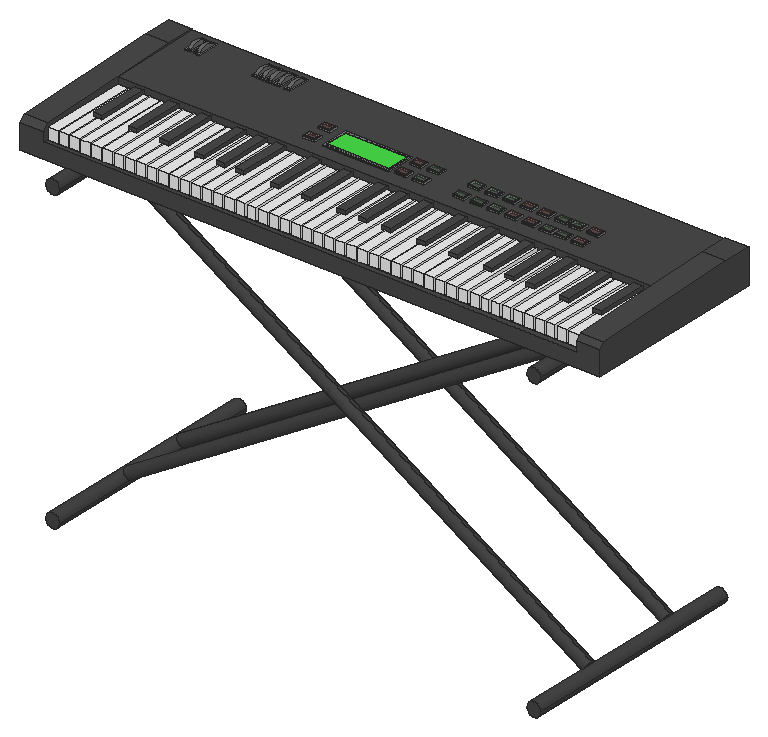
Revit family "Piano_Electric_SMARTBIM", category Furniture, Revit 2020
Family settings
  OmniClass Number = 23.40.50.24.24
  OmniClass Title = Instrumental Equipment
  Work Plane-Based = Yes
  Always vertical = Yes
  Cut with Voids When Loaded = No
  Shared = No
  Room Calculation Point = No
Parameters
  White Keys = White Keys
  Subcategory = "Residential - Décor"  # constant formula
  Stand = Frame
  SmartBIM Object Version = 3  # constant formula
  SmartBIM Object Created By = "SMARTBIM, LLC"  # constant formula
  Manufacturer = "SMARTBIM"
  Frame = BlackKeys
  Default Elevation = 4' - 0"
  Controllers = Controllers
  Buttons Set -2 = Special,LED Green on
  Buttons Set -1 = Special LED Red, on
  Black Keys = BlackKeys
  Assembly Code = "E1020400"
  95 CSI = "11070"  # constant formula
  04 CSI = "11 62 00"  # constant formula
Reference planes (in)
  plane 1: z = 0
  plane 2 "Center (Left/Right)": x = 4.48713
  plane 3: z = 30
  plane 4: z = 27
  plane 5: x = -20.51287
  plane 6: x = 29.48713
  plane 7: y = 30.04337
  plane 8: x = -18.51287
  plane 9: x = 27.48713
  plane 10: y = 22.04337
  plane 11: y = 14.04337
Forms (in)
  Extrusion 1, solid, material "BlackKeys" <- "Black Keys"
    sketch origin (4.48713, 2.04337, 0) x (0, 1, 0) y (0, 0, 1)
      loop
        line (28, 27.01638) -> (28, 29.98667) -> (25.54337, 29.98667) -> (12.46971, 29.53013) -> (12, 29.06042) -> (12, 27.01638) -> (28, 27.01638)
    from -25 to -23
  Extrusion 2, solid, material "BlackKeys" <- "Black Keys"
    sketch origin (4.48713, 2.04337, 0) x (0, 1, 0) y (0, 0, 1)
      loop
        line (28, 27) -> (28, 29.96538) -> (20, 29.79309) -> (20, 27) -> (28, 27)
    from -23 to 23
  Extrusion 3, solid, material "BlackKeys" <- "Black Keys"
    sketch origin (4.48713, 2.04337, 0) x (0, 1, 0) y (0, 0, 1)
      loop
        line (12, 27.01638) -> (12.46971, 27.01638) -> (12.46971, 28.26638) -> (12, 28.26638) -> (12, 27.01638)
    from -23 to 23
  Extrusion 4, solid, material "BlackKeys" <- "Black Keys"
    sketch origin (4.48713, 2.04337, 0) x (0, 1, 0) y (0, 0, -1)
      loop
        line (28, -27.01638) -> (12, -27.01638) -> (12, -29.06042) -> (12.46971, -29.53013) -> (25.54337, -29.98667) -> (28, -29.98667) -> (28, -27.01638)
    from -25 to -23
  Extrusion 5, solid
    sketch origin (4.48713, 2.04337, 0) x (0, 1, 0) y (0, 0, 1)
      loop
        line (12.46971, 28.26638) -> (12.46971, 27.01638) -> (20, 27.01638) -> (20, 28.26638) -> (12.46971, 28.26638)
    from -23 to 23
  Extrusion 6, solid, material "White Keys" <- "White Keys"
    sketch origin (0, 0, 0) x (1, 0, 0) y (0, 1, 0)
      loop
        line (-18.51287, 22.04337) -> (-18.51287, 14.51308) -> (-17.55644, 14.51308) -> (-17.55644, 22.04337) -> (-18.51287, 22.04337)
    from 28.26638 to 29.29337
  Extrusion 7, solid, material "White Keys" <- "White Keys"
    sketch origin (0.95643, 0, 0) x (1, 0, 0) y (0, 1, 0)
      loop
        line (-18.51287, 22.04337) -> (-18.51287, 14.51308) -> (-17.63204, 14.51308) -> (-17.63204, 22.04337) -> (-18.51287, 22.04337)
    from 28.26638 to 29.29337
  Extrusion 8, solid, material "White Keys" <- "White Keys"
    sketch origin (1.91286, 0, 0) x (1, 0, 0) y (0, 1, 0)
      loop
        line (-18.51287, 22.04337) -> (-18.51287, 14.51308) -> (-17.67375, 14.51308) -> (-17.67375, 22.04337) -> (-18.51287, 22.04337)
    from 28.26638 to 29.29337
  Extrusion 9, solid, material "White Keys" <- "White Keys"
    sketch origin (2.86928, 0, 0) x (1, 0, 0) y (0, 1, 0)
      loop
        line (-18.51287, 22.04337) -> (-18.51287, 14.51308) -> (-17.68551, 14.51308) -> (-17.68551, 22.04337) -> (-18.51287, 22.04337)
    from 28.26638 to 29.29337
  Extrusion 10, solid, material "White Keys" <- "White Keys"
    sketch origin (3.82571, 0, 0) x (1, 0, 0) y (0, 1, 0)
      loop
        line (-18.51287, 22.04337) -> (-18.51287, 14.51308) -> (-17.64625, 14.51308) -> (-17.64625, 22.04337) -> (-18.51287, 22.04337)
    from 28.26638 to 29.29337
  Extrusion 11, solid, material "White Keys" <- "White Keys"
    sketch origin (4.78214, 0, 0) x (1, 0, 0) y (0, 1, 0)
      loop
        line (-18.51287, 22.04337) -> (-18.51287, 14.51308) -> (-17.65617, 14.51308) -> (-17.65617, 22.04337) -> (-18.51287, 22.04337)
    from 28.26638 to 29.29337
  Extrusion 12, solid, material "White Keys" <- "White Keys"
    sketch origin (5.73857, 0, 0) x (1, 0, 0) y (0, 1, 0)
      loop
        line (-18.51287, 22.04337) -> (-18.51287, 14.51308) -> (-17.70295, 14.51308) -> (-17.70295, 22.04337) -> (-18.51287, 22.04337)
    from 28.26638 to 29.29337
  Extrusion 13, solid, material "White Keys" <- "White Keys"
    sketch origin (6.695, 0, 0) x (1, 0, 0) y (0, 1, 0)
      loop
        line (-18.51287, 22.04337) -> (-18.51287, 14.51308) -> (-17.70057, 14.51308) -> (-17.70057, 22.04337) -> (-18.51287, 22.04337)
    from 28.26638 to 29.29337
  Extrusion 14, solid, material "White Keys" <- "White Keys"
    sketch origin (7.65142, 0, 0) x (1, 0, 0) y (0, 1, 0)
      loop
        line (-18.51287, 22.04337) -> (-18.51287, 14.51308) -> (-17.71048, 14.51308) -> (-17.71048, 22.04337) -> (-18.51287, 22.04337)
    from 28.26638 to 29.29337
  Extrusion 15, solid, material "White Keys" <- "White Keys"
    sketch origin (8.60785, 0, 0) x (1, 0, 0) y (0, 1, 0)
      loop
        line (-18.51287, 22.04337) -> (-18.51287, 14.51308) -> (-17.7081, 14.51308) -> (-17.7081, 22.04337) -> (-18.51287, 22.04337)
    from 28.26638 to 29.29337
  Extrusion 16, solid, material "White Keys" <- "White Keys"
    sketch origin (9.56428, 0, 0) x (1, 0, 0) y (0, 1, 0)
      loop
        line (-18.51287, 22.04337) -> (-18.51287, 14.51308) -> (-17.65655, 14.51308) -> (-17.65655, 22.04337) -> (-18.51287, 22.04337)
    from 28.26638 to 29.29337
  Extrusion 17, solid, material "White Keys" <- "White Keys"
    sketch origin (10.52071, 0, 0) x (1, 0, 0) y (0, 1, 0)
      loop
        line (-18.51287, 22.04337) -> (-18.51287, 14.51308) -> (-17.71563, 14.51308) -> (-17.71563, 22.04337) -> (-18.51287, 22.04337)
    from 28.26638 to 29.29337
  Extrusion 18, solid, material "White Keys" <- "White Keys"
    sketch origin (11.47714, 0, 0) x (1, 0, 0) y (0, 1, 0)
      loop
        line (-18.51287, 22.04337) -> (-18.51287, 14.51308) -> (-17.71325, 14.51308) -> (-17.71325, 22.04337) -> (-18.51287, 22.04337)
    from 28.26638 to 29.29337
  Extrusion 19, solid, material "White Keys" <- "White Keys"
    sketch origin (12.43357, 0, 0) x (1, 0, 0) y (0, 1, 0)
      loop
        line (-18.51287, 22.04337) -> (-18.51287, 14.51308) -> (-17.72316, 14.51308) -> (-17.72316, 22.04337) -> (-18.51287, 22.04337)
    from 28.26638 to 29.29337
  Extrusion 20, solid, material "White Keys" <- "White Keys"
    sketch origin (13.38999, 0, 0) x (1, 0, 0) y (0, 1, 0)
      loop
        line (-18.51287, 22.04337) -> (-18.51287, 14.51308) -> (-17.79454, 14.51308) -> (-17.79454, 22.04337) -> (-18.51287, 22.04337)
    from 28.26638 to 29.29337
  Extrusion 21, solid, material "White Keys" <- "White Keys"
    sketch origin (14.34642, 0, 0) x (1, 0, 0) y (0, 1, 0)
      loop
        line (-18.51287, 22.04337) -> (-18.51287, 14.51308) -> (-17.73069, 14.51308) -> (-17.73069, 22.04337) -> (-18.51287, 22.04337)
    from 28.26638 to 29.29337
  Extrusion 22, solid, material "White Keys" <- "White Keys"
    sketch origin (15.30285, 0, 0) x (1, 0, 0) y (0, 1, 0)
      loop
        line (-18.51287, 22.04337) -> (-18.51287, 14.51308) -> (-17.71602, 14.51308) -> (-17.71602, 22.04337) -> (-18.51287, 22.04337)
    from 28.26638 to 29.29337
  Extrusion 23, solid, material "White Keys" <- "White Keys"
    sketch origin (16.25928, 0, 0) x (1, 0, 0) y (0, 1, 0)
      loop
        line (-18.51287, 22.04337) -> (-18.51287, 14.51308) -> (-17.75052, 14.51308) -> (-17.75052, 22.04337) -> (-18.51287, 22.04337)
    from 28.26638 to 29.29337
  Extrusion 24, solid, material "White Keys" <- "White Keys"
    sketch origin (17.21571, 0, 0) x (1, 0, 0) y (0, 1, 0)
      loop
        line (-18.51287, 22.04337) -> (-18.51287, 14.51308) -> (-17.77272, 14.51308) -> (-17.77272, 22.04337) -> (-18.51287, 22.04337)
    from 28.26638 to 29.29337
  Extrusion 25, solid, material "White Keys" <- "White Keys"
    sketch origin (18.17213, 0, 0) x (1, 0, 0) y (0, 1, 0)
      loop
        line (-18.51287, 22.04337) -> (-18.51287, 14.51308) -> (-17.73346, 14.51308) -> (-17.73346, 22.04337) -> (-18.51287, 22.04337)
    from 28.26638 to 29.29337
  Extrusion 26, solid, material "White Keys" <- "White Keys"
    sketch origin (19.12856, 0, 0) x (1, 0, 0) y (0, 1, 0)
      loop
        line (-18.51287, 22.04337) -> (-18.51287, 14.51308) -> (-17.6942, 14.51308) -> (-17.6942, 22.04337) -> (-18.51287, 22.04337)
    from 28.26638 to 29.29337
  Extrusion 27, solid, material "White Keys" <- "White Keys"
    sketch origin (20.08499, 0, 0) x (1, 0, 0) y (0, 1, 0)
      loop
        line (-18.51287, 22.04337) -> (-18.51287, 14.51308) -> (-17.76558, 14.51308) -> (-17.76558, 22.04337) -> (-18.51287, 22.04337)
    from 28.26638 to 29.29337
  Extrusion 28, solid, material "White Keys" <- "White Keys"
    sketch origin (21.04142, 0, 0) x (1, 0, 0) y (0, 1, 0)
      loop
        line (-18.51287, 22.04337) -> (-18.51287, 14.51308) -> (-17.75091, 14.51308) -> (-17.75091, 22.04337) -> (-18.51287, 22.04337)
    from 28.26638 to 29.29337
  Extrusion 29, solid, material "White Keys" <- "White Keys"
    sketch origin (21.99785, 0, 0) x (1, 0, 0) y (0, 1, 0)
      loop
        line (-18.51287, 22.04337) -> (-18.51287, 14.51308) -> (-17.76082, 14.51308) -> (-17.76082, 22.04337) -> (-18.51287, 22.04337)
    from 28.26638 to 29.29337
  Extrusion 30, solid, material "White Keys" <- "White Keys"
    sketch origin (22.95427, 0, 0) x (1, 0, 0) y (0, 1, 0)
      loop
        line (-18.51287, 22.04337) -> (-18.51287, 14.51308) -> (-17.74614, 14.51308) -> (-17.74614, 22.04337) -> (-18.51287, 22.04337)
    from 28.26638 to 29.29337
  Extrusion 31, solid, material "White Keys" <- "White Keys"
    sketch origin (23.9107, 0, 0) x (1, 0, 0) y (0, 1, 0)
      loop
        line (-18.51287, 22.04337) -> (-18.51287, 14.51308) -> (-17.74376, 14.51308) -> (-17.74376, 22.04337) -> (-18.51287, 22.04337)
    from 28.26638 to 29.29337
  Extrusion 32, solid, material "White Keys" <- "White Keys"
    sketch origin (24.86713, 0, 0) x (1, 0, 0) y (0, 1, 0)
      loop
        line (-18.51287, 22.04337) -> (-18.51287, 14.51308) -> (-17.76597, 14.51308) -> (-17.76597, 22.04337) -> (-18.51287, 22.04337)
    from 28.26638 to 29.29337
  Extrusion 33, solid, material "White Keys" <- "White Keys"
    sketch origin (25.82356, 0, 0) x (1, 0, 0) y (0, 1, 0)
      loop
        line (-18.51287, 22.04337) -> (-18.51287, 14.51308) -> (-17.72671, 14.51308) -> (-17.72671, 22.04337) -> (-18.51287, 22.04337)
    from 28.26638 to 29.29337
  Extrusion 34, solid, material "White Keys" <- "White Keys"
    sketch origin (26.77999, 0, 0) x (1, 0, 0) y (0, 1, 0)
      loop
        line (-18.51287, 22.04337) -> (-18.51287, 14.51308) -> (-17.72433, 14.51308) -> (-17.72433, 22.04337) -> (-18.51287, 22.04337)
    from 28.26638 to 29.29337
  Extrusion 35, solid, material "White Keys" <- "White Keys"
    sketch origin (27.73641, 0, 0) x (1, 0, 0) y (0, 1, 0)
      loop
        line (-18.51287, 22.04337) -> (-18.51287, 14.51308) -> (-17.73424, 14.51308) -> (-17.73424, 22.04337) -> (-18.51287, 22.04337)
    from 28.26638 to 29.29337
  Extrusion 36, solid, material "White Keys" <- "White Keys"
    sketch origin (28.69284, 0, 0) x (1, 0, 0) y (0, 1, 0)
      loop
        line (-18.51287, 22.04337) -> (-18.51287, 14.51308) -> (-17.64581, 14.51308) -> (-17.64581, 22.04337) -> (-18.51287, 22.04337)
    from 28.26638 to 29.29337
  Extrusion 37, solid, material "White Keys" <- "White Keys"
    sketch origin (29.64927, 0, 0) x (1, 0, 0) y (0, 1, 0)
      loop
        line (-18.51287, 22.04337) -> (-18.51287, 14.51308) -> (-17.71718, 14.51308) -> (-17.71718, 22.04337) -> (-18.51287, 22.04337)
    from 28.26638 to 29.29337
  Extrusion 38, solid, material "White Keys" <- "White Keys"
    sketch origin (30.6057, 0, 0) x (1, 0, 0) y (0, 1, 0)
      loop
        line (-18.51287, 22.04337) -> (-18.51287, 14.51308) -> (-17.73939, 14.51308) -> (-17.73939, 22.04337) -> (-18.51287, 22.04337)
    from 28.26638 to 29.29337
  Extrusion 39, solid, material "White Keys" <- "White Keys"
    sketch origin (31.56213, 0, 0) x (1, 0, 0) y (0, 1, 0)
      loop
        line (-18.51287, 22.04337) -> (-18.51287, 14.51308) -> (-17.67554, 14.51308) -> (-17.67554, 22.04337) -> (-18.51287, 22.04337)
    from 28.26638 to 29.29337
  Extrusion 40, solid, material "White Keys" <- "White Keys"
    sketch origin (32.51856, 0, 0) x (1, 0, 0) y (0, 1, 0)
      loop
        line (-18.51287, 22.04337) -> (-18.51287, 14.51308) -> (-17.75921, 14.51308) -> (-17.75921, 22.04337) -> (-18.51287, 22.04337)
    from 28.26638 to 29.29337
  Extrusion 41, solid, material "White Keys" <- "White Keys"
    sketch origin (33.47498, 0, 0) x (1, 0, 0) y (0, 1, 0)
      loop
        line (-18.51287, 22.04337) -> (-18.51287, 14.51308) -> (-17.76912, 14.51308) -> (-17.76912, 22.04337) -> (-18.51287, 22.04337)
    from 28.26638 to 29.29337
  Extrusion 42, solid, material "White Keys" <- "White Keys"
    sketch origin (34.43141, 0, 0) x (1, 0, 0) y (0, 1, 0)
      loop
        line (-18.51287, 22.04337) -> (-18.51287, 14.51308) -> (-17.64382, 14.51308) -> (-17.64382, 22.04337) -> (-18.51287, 22.04337)
    from 28.26638 to 29.29337
  Extrusion 43, solid, material "White Keys" <- "White Keys"
    sketch origin (35.38784, 0, 0) x (1, 0, 0) y (0, 1, 0)
      loop
        line (-18.44044, 22.04337) -> (-18.44044, 14.51308) -> (-17.71519, 14.51308) -> (-17.71519, 22.04337) -> (-18.44044, 22.04337)
    from 28.26638 to 29.29337
  Extrusion 44, solid, material "White Keys" <- "White Keys"
    sketch origin (36.34427, 0, 0) x (1, 0, 0) y (0, 1, 0)
      loop
        line (-18.35001, 22.04337) -> (-18.35001, 14.51308) -> (-17.61947, 14.51308) -> (-17.61947, 22.04337) -> (-18.35001, 22.04337)
    from 28.26638 to 29.29337
  Extrusion 45, solid, material "White Keys" <- "White Keys"
    sketch origin (37.3007, 0, 0) x (1, 0, 0) y (0, 1, 0)
      loop
        line (-18.35001, 22.04337) -> (-18.35001, 14.51308) -> (-17.74216, 14.51308) -> (-17.74216, 22.04337) -> (-18.35001, 22.04337)
    from 28.26638 to 29.29337
  Extrusion 46, solid, material "White Keys" <- "White Keys"
    sketch origin (38.25712, 0, 0) x (1, 0, 0) y (0, 1, 0)
      loop
        line (-18.46342, 22.04337) -> (-18.46342, 14.51308) -> (-17.7538, 14.51308) -> (-17.7538, 22.04337) -> (-18.46342, 22.04337)
    from 28.26638 to 29.29337
  Extrusion 47, solid, material "White Keys" <- "White Keys"
    sketch origin (39.21355, 0, 0) x (1, 0, 0) y (0, 1, 0)
      loop
        line (-18.51287, 22.04337) -> (-18.51287, 14.51308) -> (-17.81964, 14.51308) -> (-17.81964, 22.04337) -> (-18.51287, 22.04337)
    from 28.26638 to 29.29337
  Extrusion 48, solid, material "White Keys" <- "White Keys"
    sketch origin (40.16998, 0, 0) x (1, 0, 0) y (0, 1, 0)
      loop
        line (-18.51287, 22.04337) -> (-18.51287, 14.51308) -> (-17.74412, 14.51308) -> (-17.74412, 22.04337) -> (-18.51287, 22.04337)
    from 28.26638 to 29.29337
  Extrusion 49, solid, material "White Keys" <- "White Keys"
    sketch origin (41.12641, 0, 0) x (1, 0, 0) y (0, 1, 0)
      loop
        line (-18.51287, 22.04337) -> (-18.51287, 14.51308) -> (-17.72514, 14.51308) -> (-17.72514, 22.04337) -> (-18.51287, 22.04337)
    from 28.26638 to 29.29337
  Extrusion 50, solid, material "White Keys" <- "White Keys"
    sketch origin (42.08284, 0, 0) x (1, 0, 0) y (0, 1, 0)
      loop
        line (-18.51287, 22.04337) -> (-18.51287, 14.51308) -> (-17.7203, 14.51308) -> (-17.7203, 22.04337) -> (-18.51287, 22.04337)
    from 28.26638 to 29.29337
  Extrusion 51, solid, material "White Keys" <- "White Keys"
    sketch origin (43.03926, 0, 0) x (1, 0, 0) y (0, 1, 0)
      loop
        line (-18.51287, 22.04337) -> (-18.51287, 14.51308) -> (-17.78615, 14.51308) -> (-17.78615, 22.04337) -> (-18.51287, 22.04337)
    from 28.26638 to 29.29337
  Extrusion 52, solid, material "White Keys" <- "White Keys"
    sketch origin (43.99569, 0, 0) x (1, 0, 0) y (0, 1, 0)
      loop
        line (-18.51287, 22.04337) -> (-18.51287, 14.51308) -> (-17.75303, 14.51308) -> (-17.75303, 22.04337) -> (-18.51287, 22.04337)
    from 28.26638 to 29.29337
  Extrusion 53, solid, material "White Keys" <- "White Keys"
    sketch origin (44.95212, 0, 0) x (1, 0, 0) y (0, 1, 0)
      loop
        line (-18.51287, 22.04337) -> (-18.51287, 14.51308) -> (-17.64924, 14.51308) -> (-17.64924, 22.04337) -> (-18.51287, 22.04337)
    from 28.26638 to 29.29337
  Extrusion 54, solid, material "BlackKeys" <- "Black Keys"
    sketch origin (0, 0, 0) x (1, 0, 0) y (0, 1, 0)
      loop
        line (-16.99394, 22.04337) -> (-16.99394, 17.54337) -> (-16.24394, 17.54337) -> (-16.24394, 22.04337) -> (-16.99394, 22.04337)
    from 29.29337 to 29.59111
  Extrusion 55, solid, material "BlackKeys" <- "Black Keys"
    sketch origin (3, 0, 0) x (1, 0, 0) y (0, 1, 0)
      loop
        line (-16.99394, 22.04337) -> (-16.99394, 17.54337) -> (-16.24394, 17.54337) -> (-16.24394, 22.04337) -> (-16.99394, 22.04337)
    from 29.29337 to 29.59111
  Extrusion 56, solid, material "BlackKeys" <- "Black Keys"
    sketch origin (5.75, 0, 0) x (1, 0, 0) y (0, 1, 0)
      loop
        line (-16.99394, 22.04337) -> (-16.99394, 17.54337) -> (-16.24394, 17.54337) -> (-16.24394, 22.04337) -> (-16.99394, 22.04337)
    from 29.29337 to 29.59111
  Extrusion 57, solid, material "BlackKeys" <- "Black Keys"
    sketch origin (8.75, 0, 0) x (1, 0, 0) y (0, 1, 0)
      loop
        line (-16.99394, 22.04337) -> (-16.99394, 17.54337) -> (-16.24394, 17.54337) -> (-16.24394, 22.04337) -> (-16.99394, 22.04337)
    from 29.29337 to 29.59111
  Extrusion 58, solid, material "BlackKeys" <- "Black Keys"
    sketch origin (10.5941, 0, 0) x (1, 0, 0) y (0, 1, 0)
      loop
        line (-16.99394, 22.04337) -> (-16.99394, 17.54337) -> (-16.24394, 17.54337) -> (-16.24394, 22.04337) -> (-16.99394, 22.04337)
    from 29.29337 to 29.59111
  Extrusion 59, solid, material "BlackKeys" <- "Black Keys"
    sketch origin (12.25, 0, 0) x (1, 0, 0) y (0, 1, 0)
      loop
        line (-16.99394, 22.04337) -> (-16.99394, 17.54337) -> (-16.24394, 17.54337) -> (-16.24394, 22.04337) -> (-16.99394, 22.04337)
    from 29.29337 to 29.59111
  Extrusion 60, solid, material "BlackKeys" <- "Black Keys"
    sketch origin (15.25, 0, 0) x (1, 0, 0) y (0, 1, 0)
      loop
        line (-16.99394, 22.04337) -> (-16.99394, 17.54337) -> (-16.24394, 17.54337) -> (-16.24394, 22.04337) -> (-16.99394, 22.04337)
    from 29.29337 to 29.59111
  Extrusion 61, solid, material "BlackKeys" <- "Black Keys"
    sketch origin (18, 0, 0) x (1, 0, 0) y (0, 1, 0)
      loop
        line (-16.99394, 22.04337) -> (-16.99394, 17.54337) -> (-16.24394, 17.54337) -> (-16.24394, 22.04337) -> (-16.99394, 22.04337)
    from 29.29337 to 29.59111
  Extrusion 62, solid, material "BlackKeys" <- "Black Keys"
    sketch origin (21, 0, 0) x (1, 0, 0) y (0, 1, 0)
      loop
        line (-16.99394, 22.04337) -> (-16.99394, 17.54337) -> (-16.24394, 17.54337) -> (-16.24394, 22.04337) -> (-16.99394, 22.04337)
    from 29.29337 to 29.59111
  Extrusion 63, solid, material "BlackKeys" <- "Black Keys"
    sketch origin (22.8441, 0, 0) x (1, 0, 0) y (0, 1, 0)
      loop
        line (-16.99394, 22.04337) -> (-16.99394, 17.54337) -> (-16.24394, 17.54337) -> (-16.24394, 22.04337) -> (-16.99394, 22.04337)
    from 29.29337 to 29.59111
  Extrusion 64, solid, material "BlackKeys" <- "Black Keys"
    sketch origin (24.88077, 0, 0) x (1, 0, 0) y (0, 1, 0)
      loop
        line (-16.99394, 22.04337) -> (-16.99394, 17.54337) -> (-16.24394, 17.54337) -> (-16.24394, 22.04337) -> (-16.99394, 22.04337)
    from 29.29337 to 29.59111
  Extrusion 65, solid, material "BlackKeys" <- "Black Keys"
    sketch origin (27.88077, 0, 0) x (1, 0, 0) y (0, 1, 0)
      loop
        line (-16.99394, 22.04337) -> (-16.99394, 17.54337) -> (-16.24394, 17.54337) -> (-16.24394, 22.04337) -> (-16.99394, 22.04337)
    from 29.29337 to 29.59111
  Extrusion 66, solid, material "BlackKeys" <- "Black Keys"
    sketch origin (30.63077, 0, 0) x (1, 0, 0) y (0, 1, 0)
      loop
        line (-16.99394, 22.04337) -> (-16.99394, 17.54337) -> (-16.24394, 17.54337) -> (-16.24394, 22.04337) -> (-16.99394, 22.04337)
    from 29.29337 to 29.59111
  Extrusion 67, solid, material "BlackKeys" <- "Black Keys"
    sketch origin (33.63077, 0, 0) x (1, 0, 0) y (0, 1, 0)
      loop
        line (-16.99394, 22.04337) -> (-16.99394, 17.54337) -> (-16.24394, 17.54337) -> (-16.24394, 22.04337) -> (-16.99394, 22.04337)
    from 29.29337 to 29.59111
  Extrusion 68, solid, material "BlackKeys" <- "Black Keys"
    sketch origin (35.47487, 0, 0) x (1, 0, 0) y (0, 1, 0)
      loop
        line (-16.99394, 22.04337) -> (-16.99394, 17.54337) -> (-16.24394, 17.54337) -> (-16.24394, 22.04337) -> (-16.99394, 22.04337)
    from 29.29337 to 29.59111
  Extrusion 69, solid, material "BlackKeys" <- "Black Keys"
    sketch origin (37.31179, 0, 0) x (1, 0, 0) y (0, 1, 0)
      loop
        line (-16.99394, 22.04337) -> (-16.99394, 17.54337) -> (-16.24394, 17.54337) -> (-16.24394, 22.04337) -> (-16.99394, 22.04337)
    from 29.29337 to 29.59111
  Extrusion 70, solid, material "BlackKeys" <- "Black Keys"
    sketch origin (40.24929, 0, 0) x (1, 0, 0) y (0, 1, 0)
      loop
        line (-16.99394, 22.04337) -> (-16.99394, 17.54337) -> (-16.24394, 17.54337) -> (-16.24394, 22.04337) -> (-16.99394, 22.04337)
    from 29.29337 to 29.59111
  Extrusion 71, solid, material "BlackKeys" <- "Black Keys"
    sketch origin (43.06179, 0, 0) x (1, 0, 0) y (0, 1, 0)
      loop
        line (-16.99394, 22.04337) -> (-16.99394, 17.54337) -> (-16.24394, 17.54337) -> (-16.24394, 22.04337) -> (-16.99394, 22.04337)
    from 29.29337 to 29.59111
  Extrusion 72, solid, material "Controllers" <- "Controllers"
    sketch origin (4.48713, 0, 0) x (0, 1, 0) y (0, 0, 1)
      loop
        arc (29.29337, 30) -> (28.4811, 30.36298) -> (27.66884, 30) r 1.09032
        line (27.66884, 30) -> (29.29337, 30)
    from -21.48107 to -21.1786
  Extrusion 73, solid, material "Controllers" <- "Controllers"
    sketch origin (5.23713, 0, 0) x (0, 1, 0) y (0, 0, 1)
      loop
        arc (29.29337, 30) -> (28.4811, 30.36298) -> (27.66884, 30) r 1.09032
        line (27.66884, 30) -> (29.29337, 30)
    from -21.48107 to -21.1786
  Extrusion 74, solid, material "Controllers" <- "Controllers"
    sketch origin (10.23713, 0, 0) x (0, 1, 0) y (0, 0, 1)
      loop
        arc (29.29337, 30) -> (28.4811, 30.36298) -> (27.66884, 30) r 1.09032
        line (27.66884, 30) -> (29.29337, 30)
    from -21.48107 to -21.1786
  Extrusion 75, solid, material "Controllers" <- "Controllers"
    sketch origin (10.83171, 0, 0) x (0, 1, 0) y (0, 0, 1)
      loop
        arc (29.29337, 30) -> (28.4811, 30.36298) -> (27.66884, 30) r 1.09032
        line (27.66884, 30) -> (29.29337, 30)
    from -21.48107 to -21.1786
  Extrusion 76, solid, material "Controllers" <- "Controllers"
    sketch origin (11.4574, 0, 0) x (0, 1, 0) y (0, 0, 1)
      loop
        arc (29.29337, 30) -> (28.4811, 30.36298) -> (27.66884, 30) r 1.09032
        line (27.66884, 30) -> (29.29337, 30)
    from -21.48107 to -21.1786
  Extrusion 77, solid, material "Controllers" <- "Controllers"
    sketch origin (12.2074, 0, 0) x (0, 1, 0) y (0, 0, 1)
      loop
        arc (29.29337, 30) -> (28.4811, 30.36298) -> (27.66884, 30) r 1.09032
        line (27.66884, 30) -> (29.29337, 30)
    from -21.48107 to -21.1786
  Extrusion 78, solid, material "Controllers" <- "Controllers"
    sketch origin (13.06633, 0, 0) x (0, 1, 0) y (0, 0, 1)
      loop
        arc (29.29337, 30) -> (28.4811, 30.36298) -> (27.66884, 30) r 1.09032
        line (27.66884, 30) -> (29.29337, 30)
    from -21.48107 to -21.1786
  Extrusion 79, solid, material "Button Frame"
    sketch origin (0, 0, 0) x (1, 0, 0) y (0, 1, 0)
      loop
        line (-16.99394, 29.29337) -> (-16.99394, 27.66884) -> (-16.69147, 27.66884) -> (-16.69147, 29.29337) -> (-16.99394, 29.29337)
      loop
        line (-17.09871, 29.38435) -> (-17.09871, 27.51046) -> (-16.59871, 27.51046) -> (-16.59871, 29.38435) -> (-17.09871, 29.38435)
    from 30 to 30.07363
  Extrusion 80, solid, material "Button Frame"
    sketch origin (0.75, 0, 0) x (1, 0, 0) y (0, 1, 0)
      loop
        line (-16.99394, 29.29337) -> (-16.99394, 27.66884) -> (-16.69147, 27.66884) -> (-16.69147, 29.29337) -> (-16.99394, 29.29337)
      loop
        line (-17.09871, 29.38435) -> (-17.09871, 27.51046) -> (-16.59871, 27.51046) -> (-16.59871, 29.38435) -> (-17.09871, 29.38435)
    from 30 to 30.07363
  Extrusion 81, solid, material "Button Frame"
    sketch origin (5.75, 0, 0) x (1, 0, 0) y (0, 1, 0)
      loop
        line (-16.99394, 29.29337) -> (-16.99394, 27.66884) -> (-16.69147, 27.66884) -> (-16.69147, 29.29337) -> (-16.99394, 29.29337)
      loop
        line (-17.09871, 29.38435) -> (-17.09871, 27.51046) -> (-16.59871, 27.51046) -> (-16.59871, 29.38435) -> (-17.09871, 29.38435)
    from 30 to 30.07363
  Extrusion 82, solid, material "Button Frame"
    sketch origin (6.34457, 0, 0) x (1, 0, 0) y (0, 1, 0)
      loop
        line (-16.99394, 29.29337) -> (-16.99394, 27.66884) -> (-16.69147, 27.66884) -> (-16.69147, 29.29337) -> (-16.99394, 29.29337)
      loop
        line (-17.09871, 29.38435) -> (-17.09871, 27.51046) -> (-16.59871, 27.51046) -> (-16.59871, 29.38435) -> (-17.09871, 29.38435)
    from 30 to 30.07363
  Extrusion 83, solid, material "Button Frame"
    sketch origin (6.97027, 0, 0) x (1, 0, 0) y (0, 1, 0)
      loop
        line (-16.99394, 29.29337) -> (-16.99394, 27.66884) -> (-16.69147, 27.66884) -> (-16.69147, 29.29337) -> (-16.99394, 29.29337)
      loop
        line (-17.09871, 29.38435) -> (-17.09871, 27.51046) -> (-16.59871, 27.51046) -> (-16.59871, 29.38435) -> (-17.09871, 29.38435)
    from 30 to 30.07363
  Extrusion 84, solid, material "Button Frame"
    sketch origin (7.72027, 0, 0) x (1, 0, 0) y (0, 1, 0)
      loop
        line (-16.99394, 29.29337) -> (-16.99394, 27.66884) -> (-16.69147, 27.66884) -> (-16.69147, 29.29337) -> (-16.99394, 29.29337)
      loop
        line (-17.09871, 29.38435) -> (-17.09871, 27.51046) -> (-16.59871, 27.51046) -> (-16.59871, 29.38435) -> (-17.09871, 29.38435)
    from 30 to 30.07363
  Extrusion 85, solid, material "Button Frame"
    sketch origin (8.57919, 0, 0) x (1, 0, 0) y (0, 1, 0)
      loop
        line (-16.99394, 29.29337) -> (-16.99394, 27.66884) -> (-16.69147, 27.66884) -> (-16.69147, 29.29337) -> (-16.99394, 29.29337)
      loop
        line (-17.09871, 29.38435) -> (-17.09871, 27.51046) -> (-16.59871, 27.51046) -> (-16.59871, 29.38435) -> (-17.09871, 29.38435)
    from 30 to 30.07363
  Extrusion 86, solid, material "Button Frame"
    sketch origin (0, 0, 0) x (1, 0, 0) y (0, 1, 0)
      loop
        line (-3.3979, 25.51948) -> (-3.3979, 24.76948) -> (-2.3979, 24.76948) -> (-2.3979, 25.51948) -> (-3.3979, 25.51948)
      loop
        line (-3.36436, 25.48857) -> (-3.36436, 24.80888) -> (-2.42422, 24.80888) -> (-2.42422, 25.48857) -> (-3.36436, 25.48857)
    from 29.96538 to 30.07363
  Extrusion 87, solid, material "Special LED Red, on" <- "Buttons Set -1"
    sketch origin (0, 0, 0) x (1, 0, 0) y (0, 1, 0)
      loop
        line (-3.36436, 24.80888) -> (-2.42422, 24.80888) -> (-2.42422, 25.48857) -> (-3.36436, 25.48857) -> (-3.36436, 24.80888)
    from 30 to 30.14922
  Extrusion 88, solid, material "Button Frame"
    sketch origin (0, -1.64077, 0) x (1, 0, 0) y (0, 1, 0)
      loop
        line (-3.3979, 25.51948) -> (-3.3979, 24.76948) -> (-2.3979, 24.76948) -> (-2.3979, 25.51948) -> (-3.3979, 25.51948)
      loop
        line (-3.36436, 25.48857) -> (-3.36436, 24.80888) -> (-2.42422, 24.80888) -> (-2.42422, 25.48857) -> (-3.36436, 25.48857)
    from 29.96538 to 30.07363
  Extrusion 89, solid, material "Special LED Red, on" <- "Buttons Set -1"
    sketch origin (0, -1.64077, 0) x (1, 0, 0) y (0, 1, 0)
      loop
        line (-3.36436, 24.80888) -> (-2.42422, 24.80888) -> (-2.42422, 25.48857) -> (-3.36436, 25.48857) -> (-3.36436, 24.80888)
    from 30 to 30.14922
  Extrusion 90, solid, material "Button Frame"
    sketch origin (7.88504, 0, 0) x (1, 0, 0) y (0, 1, 0)
      loop
        line (-3.3979, 25.51948) -> (-3.3979, 24.76948) -> (-2.3979, 24.76948) -> (-2.3979, 25.51948) -> (-3.3979, 25.51948)
      loop
        line (-3.36436, 25.48857) -> (-3.36436, 24.80888) -> (-2.42422, 24.80888) -> (-2.42422, 25.48857) -> (-3.36436, 25.48857)
    from 29.96538 to 30.07363
  Extrusion 91, solid, material "Special LED Red, on" <- "Buttons Set -1"
    sketch origin (7.88504, 0, 0) x (1, 0, 0) y (0, 1, 0)
      loop
        line (-3.36436, 24.80888) -> (-2.42422, 24.80888) -> (-2.42422, 25.48857) -> (-3.36436, 25.48857) -> (-3.36436, 24.80888)
    from 30 to 30.14922
  Extrusion 92, solid, material "Button Frame"
    sketch origin (7.88504, -1.64077, 0) x (1, 0, 0) y (0, 1, 0)
      loop
        line (-3.3979, 25.51948) -> (-3.3979, 24.76948) -> (-2.3979, 24.76948) -> (-2.3979, 25.51948) -> (-3.3979, 25.51948)
      loop
        line (-3.36436, 25.48857) -> (-3.36436, 24.80888) -> (-2.42422, 24.80888) -> (-2.42422, 25.48857) -> (-3.36436, 25.48857)
    from 29.96538 to 30.07363
  Extrusion 93, solid, material "Special LED Red, on" <- "Buttons Set -1"
    sketch origin (7.88504, -1.64077, 0) x (1, 0, 0) y (0, 1, 0)
      loop
        line (-3.36436, 24.80888) -> (-2.42422, 24.80888) -> (-2.42422, 25.48857) -> (-3.36436, 25.48857) -> (-3.36436, 24.80888)
    from 30 to 30.14922
  Extrusion 94, solid, material "Button Frame"
    sketch origin (9.38504, 0, 0) x (1, 0, 0) y (0, 1, 0)
      loop
        line (-3.3979, 25.51948) -> (-3.3979, 24.76948) -> (-2.3979, 24.76948) -> (-2.3979, 25.51948) -> (-3.3979, 25.51948)
      loop
        line (-3.36436, 25.48857) -> (-3.36436, 24.80888) -> (-2.42422, 24.80888) -> (-2.42422, 25.48857) -> (-3.36436, 25.48857)
    from 29.96538 to 30.07363
  Extrusion 95, solid, material "Special,LED Green on" <- "Buttons Set -2"
    sketch origin (9.38504, 0, 0) x (1, 0, 0) y (0, 1, 0)
      loop
        line (-3.36436, 24.80888) -> (-2.42422, 24.80888) -> (-2.42422, 25.48857) -> (-3.36436, 25.48857) -> (-3.36436, 24.80888)
    from 30 to 30.14922
  Extrusion 96, solid, material "Button Frame"
    sketch origin (9.38504, -1.64077, 0) x (1, 0, 0) y (0, 1, 0)
      loop
        line (-3.3979, 25.51948) -> (-3.3979, 24.76948) -> (-2.3979, 24.76948) -> (-2.3979, 25.51948) -> (-3.3979, 25.51948)
      loop
        line (-3.36436, 25.48857) -> (-3.36436, 24.80888) -> (-2.42422, 24.80888) -> (-2.42422, 25.48857) -> (-3.36436, 25.48857)
    from 29.96538 to 30.07363
  Extrusion 97, solid, material "Special,LED Green on" <- "Buttons Set -2"
    sketch origin (9.38504, -1.64077, 0) x (1, 0, 0) y (0, 1, 0)
      loop
        line (-3.36436, 24.80888) -> (-2.42422, 24.80888) -> (-2.42422, 25.48857) -> (-3.36436, 25.48857) -> (-3.36436, 24.80888)
    from 30 to 30.14922
  Extrusion 98, solid, material "Button Frame"
    sketch origin (12.88504, 0, 0) x (1, 0, 0) y (0, 1, 0)
      loop
        line (-3.3979, 25.51948) -> (-3.3979, 24.76948) -> (-2.3979, 24.76948) -> (-2.3979, 25.51948) -> (-3.3979, 25.51948)
      loop
        line (-3.36436, 25.48857) -> (-3.36436, 24.80888) -> (-2.42422, 24.80888) -> (-2.42422, 25.48857) -> (-3.36436, 25.48857)
    from 29.96538 to 30.07363
  Extrusion 99, solid, material "Special,LED Green on" <- "Buttons Set -2"
    sketch origin (12.88504, 0, 0) x (1, 0, 0) y (0, 1, 0)
      loop
        line (-3.36436, 24.80888) -> (-2.42422, 24.80888) -> (-2.42422, 25.48857) -> (-3.36436, 25.48857) -> (-3.36436, 24.80888)
    from 30 to 30.14922
  Extrusion 100, solid, material "Button Frame"
    sketch origin (12.88504, -1.64077, 0) x (1, 0, 0) y (0, 1, 0)
      loop
        line (-3.3979, 25.51948) -> (-3.3979, 24.76948) -> (-2.3979, 24.76948) -> (-2.3979, 25.51948) -> (-3.3979, 25.51948)
      loop
        line (-3.36436, 25.48857) -> (-3.36436, 24.80888) -> (-2.42422, 24.80888) -> (-2.42422, 25.48857) -> (-3.36436, 25.48857)
    from 29.96538 to 30.07363
  Extrusion 101, solid, material "Special,LED Green on" <- "Buttons Set -2"
    sketch origin (12.88504, -1.64077, 0) x (1, 0, 0) y (0, 1, 0)
      loop
        line (-3.36436, 24.80888) -> (-2.42422, 24.80888) -> (-2.42422, 25.48857) -> (-3.36436, 25.48857) -> (-3.36436, 24.80888)
    from 30 to 30.14922
  Extrusion 102, solid, material "Button Frame"
    sketch origin (14.38504, 0, 0) x (1, 0, 0) y (0, 1, 0)
      loop
        line (-3.3979, 25.51948) -> (-3.3979, 24.76948) -> (-2.3979, 24.76948) -> (-2.3979, 25.51948) -> (-3.3979, 25.51948)
      loop
        line (-3.36436, 25.48857) -> (-3.36436, 24.80888) -> (-2.42422, 24.80888) -> (-2.42422, 25.48857) -> (-3.36436, 25.48857)
    from 29.96538 to 30.07363
  Extrusion 103, solid, material "Special,LED Green on" <- "Buttons Set -2"
    sketch origin (14.38504, 0, 0) x (1, 0, 0) y (0, 1, 0)
      loop
        line (-3.36436, 24.80888) -> (-2.42422, 24.80888) -> (-2.42422, 25.48857) -> (-3.36436, 25.48857) -> (-3.36436, 24.80888)
    from 30 to 30.14922
  Extrusion 104, solid, material "Button Frame"
    sketch origin (14.38504, -1.64077, 0) x (1, 0, 0) y (0, 1, 0)
      loop
        line (-3.3979, 25.51948) -> (-3.3979, 24.76948) -> (-2.3979, 24.76948) -> (-2.3979, 25.51948) -> (-3.3979, 25.51948)
      loop
        line (-3.36436, 25.48857) -> (-3.36436, 24.80888) -> (-2.42422, 24.80888) -> (-2.42422, 25.48857) -> (-3.36436, 25.48857)
    from 29.96538 to 30.07363
  Extrusion 105, solid, material "Special,LED Green on" <- "Buttons Set -2"
    sketch origin (14.38504, -1.64077, 0) x (1, 0, 0) y (0, 1, 0)
      loop
        line (-3.36436, 24.80888) -> (-2.42422, 24.80888) -> (-2.42422, 25.48857) -> (-3.36436, 25.48857) -> (-3.36436, 24.80888)
    from 30 to 30.14922
  Extrusion 106, solid, material "Button Frame"
    sketch origin (15.88504, 0, 0) x (1, 0, 0) y (0, 1, 0)
      loop
        line (-3.3979, 25.51948) -> (-3.3979, 24.76948) -> (-2.3979, 24.76948) -> (-2.3979, 25.51948) -> (-3.3979, 25.51948)
      loop
        line (-3.36436, 25.48857) -> (-3.36436, 24.80888) -> (-2.42422, 24.80888) -> (-2.42422, 25.48857) -> (-3.36436, 25.48857)
    from 29.96538 to 30.07363
  Extrusion 107, solid, material "Special,LED Green on" <- "Buttons Set -2"
    sketch origin (15.88504, 0, 0) x (1, 0, 0) y (0, 1, 0)
      loop
        line (-3.36436, 24.80888) -> (-2.42422, 24.80888) -> (-2.42422, 25.48857) -> (-3.36436, 25.48857) -> (-3.36436, 24.80888)
    from 30 to 30.14922
  Extrusion 108, solid, material "Button Frame"
    sketch origin (15.88504, -1.64077, 0) x (1, 0, 0) y (0, 1, 0)
      loop
        line (-3.3979, 25.51948) -> (-3.3979, 24.76948) -> (-2.3979, 24.76948) -> (-2.3979, 25.51948) -> (-3.3979, 25.51948)
      loop
        line (-3.36436, 25.48857) -> (-3.36436, 24.80888) -> (-2.42422, 24.80888) -> (-2.42422, 25.48857) -> (-3.36436, 25.48857)
    from 29.96538 to 30.07363
  Extrusion 109, solid, material "Special,LED Green on" <- "Buttons Set -2"
    sketch origin (15.88504, -1.64077, 0) x (1, 0, 0) y (0, 1, 0)
      loop
        line (-3.36436, 24.80888) -> (-2.42422, 24.80888) -> (-2.42422, 25.48857) -> (-3.36436, 25.48857) -> (-3.36436, 24.80888)
    from 30 to 30.14922
  Extrusion 110, solid, material "Button Frame"
    sketch origin (17.38504, 0, 0) x (1, 0, 0) y (0, 1, 0)
      loop
        line (-3.3979, 25.51948) -> (-3.3979, 24.76948) -> (-2.3979, 24.76948) -> (-2.3979, 25.51948) -> (-3.3979, 25.51948)
      loop
        line (-3.36436, 25.48857) -> (-3.36436, 24.80888) -> (-2.42422, 24.80888) -> (-2.42422, 25.48857) -> (-3.36436, 25.48857)
    from 29.96538 to 30.07363
  Extrusion 111, solid, material "Special LED Red, on" <- "Buttons Set -1"
    sketch origin (17.38504, 0, 0) x (1, 0, 0) y (0, 1, 0)
      loop
        line (-3.36436, 24.80888) -> (-2.42422, 24.80888) -> (-2.42422, 25.48857) -> (-3.36436, 25.48857) -> (-3.36436, 24.80888)
    from 30 to 30.14922
  Extrusion 112, solid, material "Button Frame"
    sketch origin (17.38504, -1.64077, 0) x (1, 0, 0) y (0, 1, 0)
      loop
        line (-3.3979, 25.51948) -> (-3.3979, 24.76948) -> (-2.3979, 24.76948) -> (-2.3979, 25.51948) -> (-3.3979, 25.51948)
      loop
        line (-3.36436, 25.48857) -> (-3.36436, 24.80888) -> (-2.42422, 24.80888) -> (-2.42422, 25.48857) -> (-3.36436, 25.48857)
    from 29.96538 to 30.07363
  Extrusion 113, solid, material "Special LED Red, on" <- "Buttons Set -1"
    sketch origin (17.38504, -1.64077, 0) x (1, 0, 0) y (0, 1, 0)
      loop
        line (-3.36436, 24.80888) -> (-2.42422, 24.80888) -> (-2.42422, 25.48857) -> (-3.36436, 25.48857) -> (-3.36436, 24.80888)
    from 30 to 30.14922
  Extrusion 114, solid, material "Button Frame"
    sketch origin (18.88504, 0, 0) x (1, 0, 0) y (0, 1, 0)
      loop
        line (-3.3979, 25.51948) -> (-3.3979, 24.76948) -> (-2.3979, 24.76948) -> (-2.3979, 25.51948) -> (-3.3979, 25.51948)
      loop
        line (-3.36436, 25.48857) -> (-3.36436, 24.80888) -> (-2.42422, 24.80888) -> (-2.42422, 25.48857) -> (-3.36436, 25.48857)
    from 29.96538 to 30.07363
  Extrusion 115, solid, material "Special LED Red, on" <- "Buttons Set -1"
    sketch origin (18.88504, 0, 0) x (1, 0, 0) y (0, 1, 0)
      loop
        line (-3.36436, 24.80888) -> (-2.42422, 24.80888) -> (-2.42422, 25.48857) -> (-3.36436, 25.48857) -> (-3.36436, 24.80888)
    from 30 to 30.14922
  Extrusion 116, solid, material "Button Frame"
    sketch origin (18.88504, -1.64077, 0) x (1, 0, 0) y (0, 1, 0)
      loop
        line (-3.3979, 25.51948) -> (-3.3979, 24.76948) -> (-2.3979, 24.76948) -> (-2.3979, 25.51948) -> (-3.3979, 25.51948)
      loop
        line (-3.36436, 25.48857) -> (-3.36436, 24.80888) -> (-2.42422, 24.80888) -> (-2.42422, 25.48857) -> (-3.36436, 25.48857)
    from 29.96538 to 30.07363
  Extrusion 117, solid, material "Special LED Red, on" <- "Buttons Set -1"
    sketch origin (18.88504, -1.64077, 0) x (1, 0, 0) y (0, 1, 0)
      loop
        line (-3.36436, 24.80888) -> (-2.42422, 24.80888) -> (-2.42422, 25.48857) -> (-3.36436, 25.48857) -> (-3.36436, 24.80888)
    from 30 to 30.14922
  Extrusion 118, solid, material "Button Frame"
    sketch origin (20.38504, 0, 0) x (1, 0, 0) y (0, 1, 0)
      loop
        line (-3.3979, 25.51948) -> (-3.3979, 24.76948) -> (-2.3979, 24.76948) -> (-2.3979, 25.51948) -> (-3.3979, 25.51948)
      loop
        line (-3.36436, 25.48857) -> (-3.36436, 24.80888) -> (-2.42422, 24.80888) -> (-2.42422, 25.48857) -> (-3.36436, 25.48857)
    from 29.96538 to 30.07363
  Extrusion 119, solid, material "Special,LED Green on" <- "Buttons Set -2"
    sketch origin (20.38504, 0, 0) x (1, 0, 0) y (0, 1, 0)
      loop
        line (-3.36436, 24.80888) -> (-2.42422, 24.80888) -> (-2.42422, 25.48857) -> (-3.36436, 25.48857) -> (-3.36436, 24.80888)
    from 30 to 30.14922
  Extrusion 120, solid, material "Button Frame"
    sketch origin (20.38504, -1.64077, 0) x (1, 0, 0) y (0, 1, 0)
      loop
        line (-3.3979, 25.51948) -> (-3.3979, 24.76948) -> (-2.3979, 24.76948) -> (-2.3979, 25.51948) -> (-3.3979, 25.51948)
      loop
        line (-3.36436, 25.48857) -> (-3.36436, 24.80888) -> (-2.42422, 24.80888) -> (-2.42422, 25.48857) -> (-3.36436, 25.48857)
    from 29.96538 to 30.07363
  Extrusion 121, solid, material "Special,LED Green on" <- "Buttons Set -2"
    sketch origin (20.38504, -1.64077, 0) x (1, 0, 0) y (0, 1, 0)
      loop
        line (-3.36436, 24.80888) -> (-2.42422, 24.80888) -> (-2.42422, 25.48857) -> (-3.36436, 25.48857) -> (-3.36436, 24.80888)
    from 30 to 30.14922
  Extrusion 122, solid, material "Button Frame"
    sketch origin (21.63504, 0, 0) x (1, 0, 0) y (0, 1, 0)
      loop
        line (-3.3979, 25.51948) -> (-3.3979, 24.76948) -> (-2.3979, 24.76948) -> (-2.3979, 25.51948) -> (-3.3979, 25.51948)
      loop
        line (-3.36436, 25.48857) -> (-3.36436, 24.80888) -> (-2.42422, 24.80888) -> (-2.42422, 25.48857) -> (-3.36436, 25.48857)
    from 29.96538 to 30.07363
  Extrusion 123, solid, material "Special,LED Green on" <- "Buttons Set -2"
    sketch origin (21.63504, 0, 0) x (1, 0, 0) y (0, 1, 0)
      loop
        line (-3.36436, 24.80888) -> (-2.42422, 24.80888) -> (-2.42422, 25.48857) -> (-3.36436, 25.48857) -> (-3.36436, 24.80888)
    from 30 to 30.14922
  Extrusion 124, solid, material "Button Frame"
    sketch origin (21.63504, -1.64077, 0) x (1, 0, 0) y (0, 1, 0)
      loop
        line (-3.3979, 25.51948) -> (-3.3979, 24.76948) -> (-2.3979, 24.76948) -> (-2.3979, 25.51948) -> (-3.3979, 25.51948)
      loop
        line (-3.36436, 25.48857) -> (-3.36436, 24.80888) -> (-2.42422, 24.80888) -> (-2.42422, 25.48857) -> (-3.36436, 25.48857)
    from 29.96538 to 30.07363
  Extrusion 125, solid, material "Special,LED Green on" <- "Buttons Set -2"
    sketch origin (21.63504, -1.64077, 0) x (1, 0, 0) y (0, 1, 0)
      loop
        line (-3.36436, 24.80888) -> (-2.42422, 24.80888) -> (-2.42422, 25.48857) -> (-3.36436, 25.48857) -> (-3.36436, 24.80888)
    from 30 to 30.14922
  Extrusion 126, solid, material "Button Frame"
    sketch origin (23.13504, 0, 0) x (1, 0, 0) y (0, 1, 0)
      loop
        line (-3.3979, 25.51948) -> (-3.3979, 24.76948) -> (-2.3979, 24.76948) -> (-2.3979, 25.51948) -> (-3.3979, 25.51948)
      loop
        line (-3.36436, 25.48857) -> (-3.36436, 24.80888) -> (-2.42422, 24.80888) -> (-2.42422, 25.48857) -> (-3.36436, 25.48857)
    from 29.96538 to 30.07363
  Extrusion 127, solid, material "Special LED Red, on" <- "Buttons Set -1"
    sketch origin (23.13504, 0, 0) x (1, 0, 0) y (0, 1, 0)
      loop
        line (-3.36436, 24.80888) -> (-2.42422, 24.80888) -> (-2.42422, 25.48857) -> (-3.36436, 25.48857) -> (-3.36436, 24.80888)
    from 30 to 30.14922
  Extrusion 128, solid, material "Button Frame"
    sketch origin (23.13504, -1.64077, 0) x (1, 0, 0) y (0, 1, 0)
      loop
        line (-3.3979, 25.51948) -> (-3.3979, 24.76948) -> (-2.3979, 24.76948) -> (-2.3979, 25.51948) -> (-3.3979, 25.51948)
      loop
        line (-3.36436, 25.48857) -> (-3.36436, 24.80888) -> (-2.42422, 24.80888) -> (-2.42422, 25.48857) -> (-3.36436, 25.48857)
    from 29.96538 to 30.07363
  Extrusion 129, solid, material "Special LED Red, on" <- "Buttons Set -1"
    sketch origin (23.13504, -1.64077, 0) x (1, 0, 0) y (0, 1, 0)
      loop
        line (-3.36436, 24.80888) -> (-2.42422, 24.80888) -> (-2.42422, 25.48857) -> (-3.36436, 25.48857) -> (-3.36436, 24.80888)
    from 30 to 30.14922
  Extrusion 130, solid, material "Button Frame"
    sketch origin (0, 0, 0) x (1, 0, 0) y (0, 1, 0)
      loop
        line (-1.62912, 25.50636) -> (-1.62912, 23.00636) -> (4.12088, 23.00636) -> (4.12088, 25.50636) -> (-1.62912, 25.50636)
      loop
        line (-1.47209, 25.31078) -> (-1.47209, 23.24828) -> (3.9208, 23.24828) -> (3.9208, 25.31078) -> (-1.47209, 25.31078)
    from 29.96538 to 30.07363
  Extrusion 131, solid, material "LCD"
    sketch origin (0, 0, 0) x (1, 0, 0) y (0, 1, 0)
      loop
        line (-1.47209, 25.31078) -> (-1.47209, 23.24828) -> (3.9208, 23.24828) -> (3.9208, 25.31078) -> (-1.47209, 25.31078)
    from 29.79309 to 30.07363
  Extrusion 132, solid, material "Frame" <- "Stand"
    sketch origin (0, 20, 0.39987) x (1, 0, 0) y (0, 0, 1)
      loop
        circle (-16.27123, 26.00089) r 0.6
    from -12.33259 to 7.75091
  Extrusion 133, solid, material "Frame" <- "Stand"
    sketch origin (8.97426, 20, 0.39987) x (-1, 0, 0) y (0, 0, -1)
      loop
        circle (-16.27123, -26.00089) r 0.6
    from -12.33259 to 7.75091
  Extrusion 134, solid, material "Frame" <- "Stand"
    sketch origin (0, 20, -25.40089) x (1, 0, 0) y (0, 0, 1)
      loop
        circle (-16.27123, 26.00089) r 0.6
    from -12.33259 to 7.75091
  Extrusion 135, solid, material "Frame" <- "Stand"
    sketch origin (8.97426, 20, -25.40089) x (-1, 0, 0) y (0, 0, -1)
      loop
        circle (-16.27123, -26.00089) r 0.6
    from -12.33259 to 7.75091
  Sweep 136, solid, material "Frame" <- "Stand"
    path origin (0, 18.75, 0) x (1, 0, 0) y (0, 0, 1)
      loop
        line (-15.83912, 25.98448) -> (24.73506, 0.91537)
    profile origin (4.44797, 18.75, 13.44993) x (0.525623, 0, 0.850717) y (0, -1, 0)
      loop
        circle (0, 0) r 0.5
  Sweep 137, solid, material "Frame" <- "Stand"
    path origin (0, 27.25, 0) x (1, 0, 0) y (0, 0, 1)
      loop
        line (-15.83912, 25.98448) -> (24.73506, 0.91537)
    profile origin (4.44797, 27.25, 13.44993) x (0.525623, 0, 0.850717) y (0, -1, 0)
      loop
        circle (0, 0) r 0.5
  Sweep 138, solid, material "Frame" <- "Stand"
    path origin (0, 20, 0) x (1, 0, 0) y (0, 0, 1)
      loop
        line (-15.8676, 1.04395) -> (24.73481, 26.08579)
    profile origin (4.4336, 20, 13.56487) x (-0.524945, 0, 0.851136) y (0, -1, 0)
      loop
        circle (0, 0) r 0.5
  Sweep 139, solid, material "Frame" <- "Stand"
    path origin (0, 25.75, 0) x (1, 0, 0) y (0, 0, 1)
      loop
        line (-15.8676, 1.04395) -> (24.73481, 26.08579)
    profile origin (4.4336, 25.75, 13.56487) x (-0.524945, 0, 0.851136) y (0, -1, 0)
      loop
        circle (0, 0) r 0.5
Cuts and joins
  joined: Extrusion 1, Extrusion 2, Extrusion 3, Extrusion 4, Extrusion 54
  joined: Extrusion 132, Extrusion 133, Extrusion 134, Extrusion 135, Sweep 136, Sweep 137, Sweep 138, Sweep 139
Lines and regions (in)
  model lines
    curve 1: line (-1.22209, 23.24909, 30.07363) -> (-1.22209, 24.49909, 30.07363)
    curve 2: line (-1.22209, 24.49909, 30.07363) -> (-1.12627, 24.49909, 30.07363)
    curve 3: line (-1.12627, 24.49909, 30.07363) -> (-1.12627, 23.24909, 30.07363)
    curve 4: line (-0.98555, 23.24909, 30.07363) -> (-0.98555, 24.74909, 30.07363)
    curve 5: line (-0.98555, 24.74909, 30.07363) -> (-0.85963, 24.74909, 30.07363)
    curve 6: line (-0.85963, 24.74909, 30.07363) -> (-0.85963, 23.24909, 30.07363)
    curve 7: line (-0.68928, 23.24909, 30.07363) -> (-0.68928, 25.15535, 30.07363)
    curve 8: line (-0.68928, 25.15535, 30.07363) -> (-0.55596, 25.15535, 30.07363)
    curve 9: line (-0.55596, 25.15535, 30.07363) -> (-0.55596, 23.24909, 30.07363)
    curve 10: line (-0.39301, 23.24909, 30.07363) -> (-0.39301, 25.24909, 30.07363)
    curve 11: line (-0.39301, 25.24909, 30.07363) -> (-0.24488, 25.24909, 30.07363)
    curve 12: line (-0.24488, 25.24909, 30.07363) -> (-0.24488, 23.24909, 30.07363)
    curve 13: line (0.58419, 24.49909, 30.07363) -> (0.48838, 24.49909, 30.07363)
    curve 14: line (0.48838, 24.49909, 30.07363) -> (0.48838, 23.24909, 30.07363)
    curve 15: line (0.34765, 23.24909, 30.07363) -> (0.34765, 24.74909, 30.07363)
    curve 16: line (0.34765, 24.74909, 30.07363) -> (0.22174, 24.74909, 30.07363)
    curve 17: line (0.22174, 24.74909, 30.07363) -> (0.22174, 23.24909, 30.07363)
    curve 18: line (0.05139, 23.24909, 30.07363) -> (0.05139, 25.15535, 30.07363)
    curve 19: line (0.05139, 25.15535, 30.07363) -> (-0.08193, 25.15535, 30.07363)
    curve 20: line (-0.08193, 25.15535, 30.07363) -> (-0.08193, 23.24909, 30.07363)
    curve 21: line (2.48422, 23.24909, 30.07363) -> (2.48422, 24.49909, 30.07363)
    curve 22: line (2.48422, 24.49909, 30.07363) -> (2.38841, 24.49909, 30.07363)
    curve 23: line (2.38841, 24.49909, 30.07363) -> (2.38841, 23.24909, 30.07363)
    curve 24: line (2.24768, 23.24909, 30.07363) -> (2.24768, 24.74909, 30.07363)
    curve 25: line (2.24768, 24.74909, 30.07363) -> (2.12177, 24.74909, 30.07363)
    curve 26: line (2.12177, 24.74909, 30.07363) -> (2.12177, 23.24909, 30.07363)
    curve 27: line (1.95142, 23.24909, 30.07363) -> (1.95142, 25.15535, 30.07363)
    curve 28: line (1.95142, 25.15535, 30.07363) -> (1.8181, 25.15535, 30.07363)
    curve 29: line (1.8181, 25.15535, 30.07363) -> (1.8181, 23.24909, 30.07363)
    curve 30: line (1.65515, 23.24909, 30.07363) -> (1.65515, 25.24909, 30.07363)
    curve 31: line (1.65515, 25.24909, 30.07363) -> (1.50702, 25.24909, 30.07363)
    curve 32: line (1.50702, 25.24909, 30.07363) -> (1.50702, 23.24909, 30.07363)
    curve 33: line (0.91448, 23.24909, 30.07363) -> (0.91448, 24.74909, 30.07363)
    curve 34: line (0.91448, 24.74909, 30.07363) -> (1.0404, 24.74909, 30.07363)
    curve 35: line (1.0404, 24.74909, 30.07363) -> (1.0404, 23.24909, 30.07363)
    curve 36: line (1.21075, 23.24909, 30.07363) -> (1.21075, 25.15535, 30.07363)
    curve 37: line (1.21075, 25.15535, 30.07363) -> (1.34407, 25.15535, 30.07363)
    curve 38: line (1.34407, 25.15535, 30.07363) -> (1.34407, 23.24909, 30.07363)
    curve 39: line (0.58419, 24.49909, 30.07363) -> (0.58419, 23.24909, 30.07363)
    curve 40: line (0.70504, 23.24909, 30.07363) -> (0.70504, 23.85653, 30.07363)
    curve 41: line (0.70504, 23.85653, 30.07363) -> (0.80999, 23.85653, 30.07363)
    curve 42: line (0.80999, 23.85653, 30.07363) -> (0.80999, 23.24909, 30.07363)
    curve 43: line (2.99582, 25.01851, 30.07363) -> (3.66191, 25.01851, 30.07363)
    curve 44: line (2.99582, 24.6071, 30.07363) -> (2.99582, 25.01851, 30.07363)
    curve 45: line (3.66191, 24.6071, 30.07363) -> (2.99582, 24.6071, 30.07363)
    curve 46: line (3.66191, 25.01851, 30.07363) -> (3.66191, 24.6071, 30.07363)
    curve 47: line (2.99582, 24.37202, 30.07363) -> (3.66191, 24.37202, 30.07363)
    curve 48: line (2.99582, 23.99979, 30.07363) -> (2.99582, 24.37202, 30.07363)
    curve 49: line (3.66191, 23.99979, 30.07363) -> (2.99582, 23.99979, 30.07363)
    curve 50: line (3.66191, 24.37202, 30.07363) -> (3.66191, 23.99979, 30.07363)
    curve 51: line (2.99582, 23.5688, 30.07363) -> (3.66191, 23.5688, 30.07363)
    curve 52: line (2.99582, 23.34351, 30.07363) -> (2.99582, 23.5688, 30.07363)
    curve 53: line (3.66191, 23.34351, 30.07363) -> (2.99582, 23.34351, 30.07363)
    curve 54: line (3.66191, 23.5688, 30.07363) -> (3.66191, 23.34351, 30.07363)
Dimensions and locks (in)
  plane 3 to level = 2' - 6"
  plane 4 to level = 2' - 3"
  equal spacing: plane 5, plane 2 "Center (Left/Right)", plane 6
  plane 5 to plane 6 = 4' - 2"  (x2)
  plane 5 to plane 8 = 0' - 2"
  plane 7 to plane 10 = 0' - 8"
  plane 10 to plane 11 = 0' - 8"
  aligned and locked: Extrusion 6 to cut or joined group of Extrusion 1, Extrusion 2, Extrusion 3, Extrusion 4, Extrusion 54
  aligned and locked: Extrusion 6 to Extrusion 54
  aligned and locked: Extrusion 79 to plane 3
  aligned and locked: Extrusion 86 to Extrusion 82
  aligned and locked: cut or joined group of Extrusion 1, Extrusion 2, Extrusion 3, Extrusion 4, Extrusion 54 to Extrusion 130
Automatic sketch dimensions
  Extrusion 1 sketch curve to plane 11 = 0' - 0"
  Extrusion 1 sketch curve to plane 7 = 0' - 0"
  plane 11 to Extrusion 1 sketch curve = 0' - 0.46971"
  Extrusion 1 sketch curve to plane 3 = 0' - 0.01333"
  Extrusion 1 sketch curve to plane 3 = 0' - 0.46987"
  Extrusion 1 sketch curve to Extrusion 1 sketch curve = 0' - 0.46971"
  plane 4 to Extrusion 1 sketch curve = 0' - 0.01638"
  Extrusion 2 sketch curve to plane 10 = 0' - 0"
  Extrusion 2 sketch curve to plane 7 = 0' - 0"
  Extrusion 2 sketch curve to plane 4 = 0' - 0"
  Extrusion 2 sketch curve to plane 3 = 0' - 0.20691"
  Extrusion 2 sketch curve to plane 3 = 0' - 0.03462"
  Extrusion 3 sketch curve to plane 11 = 0' - 0"
  Extrusion 3 sketch curve to Extrusion 3 sketch curve = 0' - 0.46971"
  plane 4 to Extrusion 3 sketch curve = 0' - 0.01638"
  Extrusion 3 sketch curve to Extrusion 3 sketch curve = 0' - 1 1/4"
  Extrusion 4 sketch curve to plane 11 = 0' - 0"
  Extrusion 4 sketch curve to plane 7 = 0' - 0"
  plane 11 to Extrusion 4 sketch curve = 0' - 0.46971"
  Extrusion 4 sketch curve to plane 3 = 0' - 0.01333"
  Extrusion 4 sketch curve to plane 3 = 0' - 0.46987"
  Extrusion 4 sketch curve to Extrusion 4 sketch curve = 0' - 0.46971"
  plane 4 to Extrusion 4 sketch curve = 0' - 0.01638"
  Extrusion 5 sketch curve to plane 10 = 0' - 0"
  plane 11 to Extrusion 5 sketch curve = 0' - 0.46971"
  plane 4 to Extrusion 5 sketch curve = 0' - 0.01638"
  Extrusion 5 sketch curve to Extrusion 5 sketch curve = 0' - 1 1/4"
  Extrusion 6 sketch curve to plane 8 = 0' - 0"
  Extrusion 6 sketch curve to plane 10 = 0' - 0"
  plane 11 to Extrusion 6 sketch curve = 0' - 0.46971"
  Extrusion 6 sketch curve to Extrusion 6 sketch curve = 0' - 0.95643"
  Extrusion 7 sketch curve to plane 10 = 0' - 0"
  plane 11 to Extrusion 7 sketch curve = 0' - 0.46971"
  Extrusion 7 sketch curve to plane 8 = 0' - 0.95643"
  Extrusion 7 sketch curve to Extrusion 7 sketch curve = 0' - 0.88082"
  Extrusion 8 sketch curve to plane 10 = 0' - 0"
  plane 11 to Extrusion 8 sketch curve = 0' - 0.46971"
  Extrusion 8 sketch curve to plane 8 = 0' - 1.91286"
  Extrusion 8 sketch curve to Extrusion 8 sketch curve = 0' - 0.83912"
  Extrusion 9 sketch curve to plane 10 = 0' - 0"
  plane 11 to Extrusion 9 sketch curve = 0' - 0.46971"
  Extrusion 9 sketch curve to plane 8 = 0' - 2.86928"
  Extrusion 9 sketch curve to Extrusion 9 sketch curve = 0' - 0.82736"
  Extrusion 10 sketch curve to plane 10 = 0' - 0"
  plane 11 to Extrusion 10 sketch curve = 0' - 0.46971"
  Extrusion 10 sketch curve to plane 8 = 0' - 3.82571"
  Extrusion 10 sketch curve to Extrusion 10 sketch curve = 0' - 0.86661"
  Extrusion 11 sketch curve to plane 10 = 0' - 0"
  plane 11 to Extrusion 11 sketch curve = 0' - 0.46971"
  Extrusion 11 sketch curve to plane 8 = 0' - 4.78214"
  Extrusion 11 sketch curve to Extrusion 11 sketch curve = 0' - 0.8567"
  Extrusion 12 sketch curve to plane 10 = 0' - 0"
  plane 11 to Extrusion 12 sketch curve = 0' - 0.46971"
  Extrusion 12 sketch curve to plane 8 = 0' - 5.73857"
  Extrusion 12 sketch curve to Extrusion 12 sketch curve = 0' - 0.80991"
  Extrusion 13 sketch curve to plane 10 = 0' - 0"
  plane 11 to Extrusion 13 sketch curve = 0' - 0.46971"
  Extrusion 13 sketch curve to plane 8 = 0' - 6.695"
  Extrusion 13 sketch curve to Extrusion 13 sketch curve = 0' - 0.81229"
  Extrusion 14 sketch curve to plane 10 = 0' - 0"
  plane 11 to Extrusion 14 sketch curve = 0' - 0.46971"
  Extrusion 14 sketch curve to plane 8 = 0' - 7.65142"
  Extrusion 14 sketch curve to Extrusion 14 sketch curve = 0' - 0.80238"
  Extrusion 15 sketch curve to plane 10 = 0' - 0"
  plane 11 to Extrusion 15 sketch curve = 0' - 0.46971"
